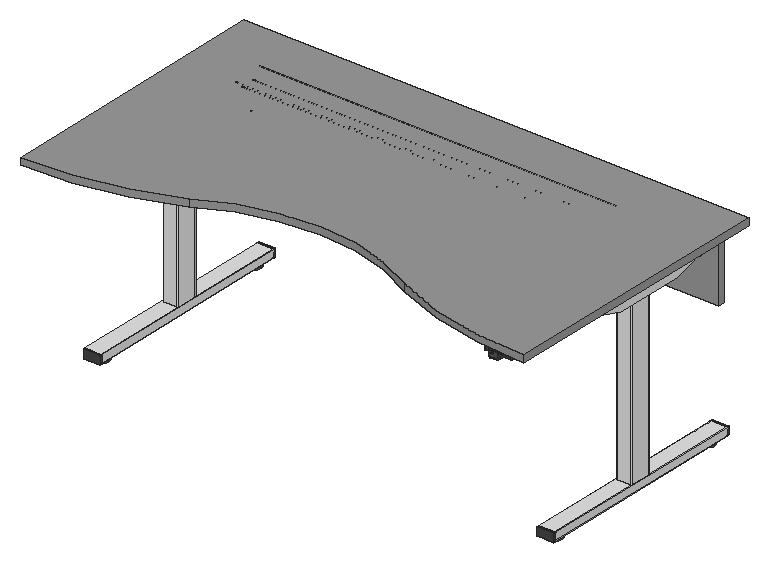
Revit family "Rise LT Double Wave Desk", category Furniture, Revit 2016 (continued)
Definition of nested family "Cable Tray"
  Lines and regions (mm)
    sketch lines
      curve 212: line (-200, 330.808, 613.5) -> (-200, 247.192, 613.5)
      curve 213: arc (-200, 247.192, 613.5) -> (-200, 245.429, 614.073) -> (-200, 244.339, 615.573) r 3
      curve 214: line (-200, 244.339, 615.573) -> (-200, 236.24, 640.5)
      curve 215: line (-200, 333.661, 615.573) -> (-200, 341.76, 640.5)
      curve 216: arc (-200, 330.808, 613.5) -> (-200, 332.571, 614.073) -> (-200, 333.661, 615.573) r 3
    sketch lines, not visible
      curve 20: line (0, 318.719, 618.385) -> (0, 235.103, 618.385)
      curve 21: arc (0, 235.103, 618.385) -> (0, 233.34, 618.958) -> (0, 232.25, 620.458) r 3
      curve 22: line (0, 232.25, 620.458) -> (0, 224.151, 645.385)
      curve 23: line (0, 321.572, 620.458) -> (0, 329.671, 645.385)
      curve 24: arc (0, 318.719, 618.385) -> (0, 320.482, 618.958) -> (0, 321.572, 620.458) r 3
  Dimensions and locks
    equal spacing: plane 4, plane 3 "Center (Left/Right)", plane 5
    "Width": plane 4 to plane 5
    equal spacing: plane 7, plane 1 "Center (Front/Back)", plane 8
    locked: plane 7 to plane 8 at 800
    locked: plane 2 to plane 9 "Foot" at 15
    "HeightControl": plane 10 to level
    locked: plane 10 to plane 6 "Desktop Underside" at 25
    locked: plane 4 to plane 11 "Cable Tray Left" at 100
    locked: plane 12 "Cable Tray Right" to plane 5 at 100
    equal spacing: curve 3, curve 51, curve 123, curve 63, curve 75, curve 87, curve 99, curve 111, curve 27
    equal spacing: curve 39, curve 195, curve 183, curve 171, curve 159, curve 147, curve 207, curve 135, curve 3
    locked: plane 6 "Desktop Underside" to Extrusion 1 at 61.5
    locked: plane 7 to Extrusion 1 at 53.5
    locked: plane 6 "Desktop Underside" to Sweep 5 at 61.964
    locked: plane 6 "Desktop Underside" to Sweep 18 at 61.964
    locked: plane 6 "Desktop Underside" to Sweep 17 at 61.964
    locked: plane 6 "Desktop Underside" to Sweep 16 at 61.964
    locked: plane 6 "Desktop Underside" to Sweep 15 at 61.964
    locked: plane 6 "Desktop Underside" to Sweep 14 at 61.964
    locked: plane 6 "Desktop Underside" to Sweep 19 at 61.964
    locked: plane 6 "Desktop Underside" to Sweep 13 at 61.964
    locked: plane 6 "Desktop Underside" to Sweep 2 at 61.964
    locked: plane 6 "Desktop Underside" to Sweep 6 at 61.964
    locked: plane 6 "Desktop Underside" to Sweep 12 at 61.964
    locked: plane 6 "Desktop Underside" to Sweep 7 at 61.964
    locked: plane 6 "Desktop Underside" to Sweep 8 at 61.964
    locked: plane 6 "Desktop Underside" to Sweep 9 at 61.964
    locked: plane 6 "Desktop Underside" to Sweep 10 at 61.964
    locked: plane 6 "Desktop Underside" to Sweep 11 at 61.964
    locked: plane 6 "Desktop Underside" to Sweep 4 at 61.964
    locked: plane 7 to Extrusion 20 at 50.5
    locked: Extrusion 20 to plane 12 "Cable Tray Right" at 160
    locked: Extrusion 20 to Extrusion 20 at 25
    locked: Extrusion 21 to Extrusion 21 at 25
    locked: plane 11 "Cable Tray Left" to Extrusion 21 at 160
    aligned and locked: level to plane 2
    aligned and locked: Extrusion 1 to plane 12 "Cable Tray Right"
    aligned and locked: Extrusion 1 to plane 11 "Cable Tray Left"
    aligned and locked: plane 12 "Cable Tray Right" to curve 27
    aligned and locked: curve 39 to plane 11 "Cable Tray Left"
    aligned and locked: plane 6 "Desktop Underside" to Extrusion 20
  Automatic sketch dimensions
    Sweep 2 sketch curve to profile plane = 0 mm  (x2)
    Sweep 3 sketch curve to profile plane = 0 mm  (x2)
    Sweep 4 sketch curve to profile plane = 0 mm  (x2)
    Sweep 5 sketch curve to profile plane = 0 mm  (x2)
    Sweep 6 sketch curve to profile plane = 0 mm  (x2)
    Sweep 7 sketch curve to profile plane = 0 mm  (x2)
    Sweep 8 sketch curve to profile plane = 0 mm  (x2)
    Sweep 9 sketch curve to profile plane = 0 mm  (x2)
    Sweep 10 sketch curve to profile plane = 0 mm  (x2)
    Sweep 11 sketch curve to profile plane = 0 mm  (x2)
    Sweep 12 sketch curve to profile plane = 0 mm  (x2)
    Sweep 13 sketch curve to profile plane = 0 mm  (x2)
    Sweep 14 sketch curve to profile plane = 0 mm  (x2)
    Sweep 15 sketch curve to profile plane = 0 mm  (x2)
    Sweep 16 sketch curve to profile plane = 0 mm  (x2)
    Sweep 17 sketch curve to profile plane = 0 mm  (x2)
    Sweep 18 sketch curve to profile plane = 0 mm  (x2)
    Sweep 19 sketch curve to profile plane = 0 mm  (x2)
    Extrusion 1 sketch curve to plane 6 "Desktop Underside" = 61.5 mm  (x2)
    Extrusion 1 sketch curve to plane 7 = 167 mm
    Extrusion 1 sketch curve to Extrusion 1 sketch curve = 31 mm  (x2)
    Extrusion 1 sketch curve to Extrusion 1 sketch curve = 50 mm
    Extrusion 1 sketch curve to Extrusion 1 sketch curve = 30 mm  (x2)
    Extrusion 20 sketch curve to Extrusion 20 sketch curve = 0 mm  (x11)
    Extrusion 20 sketch curve to plane 6 "Desktop Underside" = 0 mm
    Extrusion 20 sketch curve to plane 6 "Desktop Underside" = 31.5 mm
    Extrusion 20 sketch curve to plane 7 = 171.565 mm
    Extrusion 20 sketch curve to Extrusion 20 sketch curve = 0.065 mm  (x2)
    Extrusion 20 sketch curve to Extrusion 20 sketch curve = 3 mm  (x4)
    Extrusion 20 sketch curve to Extrusion 20 sketch curve = 1.5 mm  (x4)
    Extrusion 20 sketch curve to Extrusion 20 sketch curve = 2.634 mm
    Extrusion 20 sketch curve to Extrusion 20 sketch curve = 0.049 mm  (x2)
    Extrusion 20 sketch curve to Extrusion 20 sketch curve = 39.801 mm
    Extrusion 20 sketch curve to Extrusion 20 sketch curve = 6 mm  (x2)
    Extrusion 20 sketch curve to Extrusion 20 sketch curve = 54.484 mm
    Extrusion 20 sketch curve to plane 6 "Desktop Underside" = 5 mm  (x2)
    Extrusion 20 sketch curve to Extrusion 20 sketch curve = 12 mm
    Extrusion 20 sketch curve to Extrusion 20 sketch curve = 36.451 mm
    Extrusion 20 sketch curve to Extrusion 20 sketch curve = 0.35 mm
    Extrusion 20 sketch curve to Extrusion 20 sketch curve = 0.016 mm
    Extrusion 20 sketch curve to plane 6 "Desktop Underside" = 56.074 mm
    Extrusion 20 sketch curve to Extrusion 20 sketch curve = 20.781 mm
    Extrusion 20 sketch curve to Extrusion 20 sketch curve = 5 mm  (x3)
    Extrusion 20 sketch curve to Extrusion 20 sketch curve = 5.426 mm
    Extrusion 20 sketch curve to Extrusion 20 sketch curve = 81.082 mm
    Extrusion 20 sketch curve to Extrusion 20 sketch curve = 3.312 mm
    Extrusion 20 sketch curve to Extrusion 20 sketch curve = 20.355 mm
    Extrusion 20 sketch curve to Extrusion 20 sketch curve = 2 mm  (x2)
    Extrusion 20 sketch curve to Extrusion 20 sketch curve = 0.293 mm  (x2)
    Extrusion 20 sketch curve to Extrusion 20 sketch curve = 3.101 mm
    Extrusion 20 sketch curve to plane 6 "Desktop Underside" = 8.101 mm
    Extrusion 20 sketch curve to Extrusion 20 sketch curve = 0.033 mm
    Extrusion 20 sketch curve to Extrusion 20 sketch curve = 1.263 mm
    Extrusion 21 sketch curve to Extrusion 21 sketch curve = 0 mm  (x11)
    Extrusion 21 sketch curve to plane 6 "Desktop Underside" = 0 mm
    Extrusion 21 sketch curve to plane 6 "Desktop Underside" = 31.5 mm
    Extrusion 21 sketch curve to plane 7 = 171.565 mm
    Extrusion 21 sketch curve to Extrusion 21 sketch curve = 0.065 mm  (x2)
    Extrusion 21 sketch curve to Extrusion 21 sketch curve = 3 mm  (x4)
    Extrusion 21 sketch curve to Extrusion 21 sketch curve = 1.5 mm  (x4)
    Extrusion 21 sketch curve to Extrusion 21 sketch curve = 2.634 mm
    Extrusion 21 sketch curve to Extrusion 21 sketch curve = 0.049 mm  (x2)
    Extrusion 21 sketch curve to Extrusion 21 sketch curve = 39.801 mm
    Extrusion 21 sketch curve to Extrusion 21 sketch curve = 6 mm  (x2)
    Extrusion 21 sketch curve to Extrusion 21 sketch curve = 54.484 mm
    Extrusion 21 sketch curve to plane 6 "Desktop Underside" = 5 mm  (x2)
    Extrusion 21 sketch curve to Extrusion 21 sketch curve = 12 mm
    Extrusion 21 sketch curve to Extrusion 21 sketch curve = 36.451 mm
    Extrusion 21 sketch curve to Extrusion 21 sketch curve = 0.35 mm
    Extrusion 21 sketch curve to Extrusion 21 sketch curve = 0.016 mm
    Extrusion 21 sketch curve to Extrusion 21 sketch curve = 3.101 mm  (x2)
    Extrusion 21 sketch curve to plane 6 "Desktop Underside" = 24.207 mm
    Extrusion 21 sketch curve to Extrusion 21 sketch curve = 7.293 mm
    Extrusion 21 sketch curve to Extrusion 21 sketch curve = 0.293 mm  (x2)
    Extrusion 21 sketch curve to Extrusion 21 sketch curve = 5 mm  (x3)
    Extrusion 21 sketch curve to Extrusion 21 sketch curve = 2 mm
    Extrusion 21 sketch curve to Extrusion 21 sketch curve = 20.355 mm
    Extrusion 21 sketch curve to Extrusion 21 sketch curve = 20.781 mm
    Extrusion 21 sketch curve to Extrusion 21 sketch curve = 5.426 mm
    Extrusion 21 sketch curve to Extrusion 21 sketch curve = 81.082 mm
    Extrusion 21 sketch curve to Extrusion 21 sketch curve = 3.312 mm
    Extrusion 21 sketch curve to Extrusion 21 sketch curve = 0.033 mm
    Extrusion 21 sketch curve to Extrusion 21 sketch curve = 1.263 mm
    radius of Sweep 2 sketch curve = 1.5 mm
    radius of Sweep 3 sketch curve = 1.5 mm
    radius of Sweep 4 sketch curve = 1.5 mm
    radius of Sweep 5 sketch curve = 1.5 mm
    radius of Sweep 6 sketch curve = 1.5 mm
    radius of Sweep 7 sketch curve = 1.5 mm
    radius of Sweep 8 sketch curve = 1.5 mm
    radius of Sweep 9 sketch curve = 1.5 mm
    radius of Sweep 10 sketch curve = 1.5 mm
    radius of Sweep 11 sketch curve = 1.5 mm
    radius of Sweep 12 sketch curve = 1.5 mm
    radius of Sweep 13 sketch curve = 1.5 mm
    radius of Sweep 14 sketch curve = 1.5 mm
    radius of Sweep 15 sketch curve = 1.5 mm
    radius of Sweep 16 sketch curve = 1.5 mm
    radius of Sweep 17 sketch curve = 1.5 mm
    radius of Sweep 18 sketch curve = 1.5 mm
    radius of Sweep 19 sketch curve = 1.5 mm
    radius of Extrusion 1 sketch curve = 1.5 mm  (x4)
Types (9, lengths in mm): name | Width | Product Code | Modesty Panel Visible | Modesty Panel | Cable Tray Visible | Cable Tray
  (no name) | 1800 | "HDLWD18" | yes | "BTCPW18" | yes | "MECT18"
  1600 x 800 | 1600 | "HDLWD16" | no | "" | no | ""
  1800 x 800 | 1800 | "HDLWD18" | no | "" | no | ""
  1800 x 800 with Modesty Panel & Cable Tray | 1800 | "HDLWD18" | yes | "BTCPW18" | yes | "MECT18"
  1800 x 800 with Modesty Panel | 1800 | "HDLWD18" | yes | "BTCPW18" | no | ""
  1800 x 800 with Cable Tray | 1800 | "HDLWD18" | no | "" | yes | "MECT18"
  1600 x 800 with Cable Tray | 1600 | "HDLWD16" | no | "" | yes | "MECT16"
  1600 x 800 with Modesty Panel & Cable Tray | 1600 | "HDLWD16" | yes | "BTCPW16" | yes | "MECT16"
  1600 x 800 with Modesty Panel | 1600 | "HDLWD16" | yes | "BTCPW16" | no | ""
